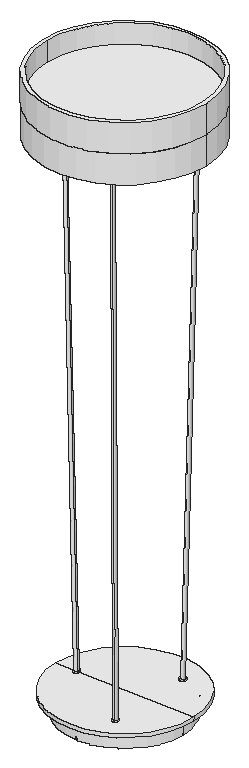
Revit family "DEEP FOCUS ROUND LIGHT", category Lighting Fixtures, host Face, Revit 2020 (continued)
Types (13): name | Wattage Comments | Wattage | Surface Mount | Photometric Web File | Order number | built-in parameter 1150142 | Model | built-in parameter 1150105 | Lumens | built-in parameter 1150106 | Fixture Diameter | Finish/Color | D2 | D1 | Apparent Load | Aircraft Cable Pendant Mount
  DFRD16-20-40901-ACPMK | "20 W" | 11.4446 W | no | "DFRD16_20_XX901.IES" | "16822" | "﻿IESNA:LM-63-2002\r\n[TEST] \r\n[DATE] 2019-08-21\r\n[MANUFAC] Aboveall lighting\r\n[LUMCAT] \r\n[LUMINAIRE] DFRD16-20-30901\r\n[LAMPCAT] \r\n[LAMP] 2835，3000K\r\nTILT=NONE\r\n1 1786.4 0.92 91 13 1 2 0.40 0.40 0.08\r\n1 1 20.3\r\n0. 1. 2. 3. 4. 5. 6. 7. 8. 9. 10. 11. 12. 13. 14. 15. 16. 17. 18. 19. 20. 21. 22. 23. 24. 25. 26. 27. 28. 29. 30. 31. 32. 33. 34. 35. 36. 37. 38. 39. 40. 41. 42. 43. 44. 45. 46. 47. 48. 49. 50. 51. 52. 53. 54. 55. 56. 57. 58. 59. 60. 61. 62. 63. 64. 65. 66. 67. 68. 69. 70. 71. 72. 73. 74. 75. 76. 77. 78. 79. 80. 81. 82. 83. 84. 85. 86. 87. 88. 89. 90. \r\n0. 30. 60. 90. 120. 150. 180. 210. 240. 270. 300. 330. 360. \r\n711.917 711.59 709.82 709.82 706.634 705.218 703.802 700.969 697.429 695.659 691.765 689.641 684.684 679.728 676.896 671.231 665.213 658.84 655.3 648.22 644.68 636.891 628.394 624.5 615.295 611.047 601.842 597.24 587.681 577.769 572.812 562.192 557.235 546.261 534.932 529.267 517.939 511.92 499.883 494.219 481.828 469.437 462.357 449.612 436.867 430.14 417.041 403.234 396.508 383.055 369.248 362.168 348.29 334.341 327.261 313.241 306.161 292.071 277.556 270.263 255.075 247.994 234.577 219.495 212.38 198.289 191.173 177.402 170.498 156.691 143.026 136.229 122.988 116.51 103.694 77.0 77.0 72.504 60.751 54.343 43.297 32.606 27.402 17.347 8.39 4.567 0.637 0.708 0.743 0.814 0.885 \r\n711.917 711.236 710.528 709.466 709.112 707.342 705.218 703.802 700.969 699.553 694.243 689.995 689.995 685.392 680.436 677.604 675.126 669.461 663.089 656.362 653.176 646.096 642.201 634.413 626.27 618.128 613.525 604.675 599.718 590.514 580.601 575.645 565.732 560.422 549.447 537.764 532.454 520.771 515.106 497.051 491.387 485.368 472.623 466.605 453.86 447.488 434.389 414.563 408.191 401.11 394.384 380.931 366.77 358.981 345.528 331.474 324.464 310.409 296.142 274.83 274.83 260.421 253.305 238.931 224.806 217.69 203.494 196.59 182.606 168.728 161.86 148.159 140.654 127.201 120.581 107.553 88.648 88.648 76.115 70.168 58.556 47.298 41.775 31.048 20.817 15.931 7.576 4.496 0.248 0.212 0.212 \r\n711.917 711.944 711.59 711.236 710.174 709.82 708.404 707.342 705.218 702.74 700.969 697.783 694.243 692.119 687.871 682.914 680.436 675.126 669.461 666.275 659.903 653.176 649.636 646.096 638.661 630.872 622.022 617.774 608.923 604.321 595.116 585.203 580.247 570.334 565.378 554.757 549.447 538.472 526.789 521.125 509.442 503.424 491.387 479.35 472.269 459.878 447.134 440.761 427.662 414.563 407.837 394.384 387.303 373.85 360.043 346.307 339.368 325.561 318.587 304.32 290.053 282.866 267.501 260.421 246.189 239.144 225.195 211.034 204.025 189.934 183.031 169.118 162.391 148.903 135.415 128.688 115.695 102.95 102.95 84.258 72.292 66.344 54.06 48.289 46.944 27.083 16.993 12.355 2.16 0.248 0.212 \r\n711.917 711.59 710.882 709.82 709.112 707.342 704.864 703.802 700.969 697.429 695.659 691.411 687.162 684.684 679.374 674.064 671.231 665.213 662.027 655.3 648.22 644.68 636.891 632.997 624.854 620.606 611.755 602.905 597.948 588.035 583.079 573.166 562.9 557.589 546.969 541.304 530.329 518.647 512.628 500.945 488.909 482.89 470.499 458.108 451.736 438.991 425.538 419.166 405.005 391.198 384.471 371.018 364.646 350.272 343.263 329.243 315.33 308.214 294.159 287.008 272.882 258.544 251.358 237.161 230.116 215.955 201.051 194.112 180.376 173.508 159.736 146.142 139.521 126.139 113.146 106.632 76.894 76.894 75.372 63.583 52.219 46.59 35.615 30.305 20.038 10.125 6.266 0.885 0.549 0.212 0.212 \r\n711.917 712.298 712.298 711.59 710.528 709.466 708.758 706.634 705.572 702.74 701.323 697.783 693.889 692.119 689.995 685.392 680.436 674.772 671.939 665.921 662.735 656.008 648.928 645.742 641.847 634.059 625.916 617.066 612.817 603.259 594.054 589.098 579.185 569.272 563.962 553.341 548.031 536.702 525.373 519.355 507.672 495.635 489.617 477.58 471.207 458.816 445.717 439.345 425.538 419.166 405.359 391.906 385.179 371.372 364.646 350.874 344.006 329.951 315.932 308.71 294.62 280.246 272.953 258.686 244.454 237.515 223.354 208.379 201.334 187.35 173.366 166.569 152.939 146.283 132.795 119.625 113.146 100.437 100.437 81.78 69.814 63.972 52.396 46.625 35.367 30.623 20.286 10.267 1.168 0.248 0.177 \r\n711.917 712.298 711.59 710.882 709.466 707.696 706.634 704.156 702.74 699.553 697.783 693.889 689.641 687.162 682.56 680.082 674.418 668.399 665.213 658.84 655.654 645.033 641.139 637.245 624.854 620.252 616.003 606.799 597.594 592.992 583.079 573.166 567.856 557.589 546.615 540.95 529.621 523.957 512.628 506.256 488.554 482.182 475.81 463.419 457.046 443.239 430.14 423.414 410.315 403.234 389.782 382.701 368.894 355.087 341.174 327.19 320.039 312.993 291.54 284.424 277.308 262.828 247.57 240.348 226.08 211.884 204.803 183.704 183.704 169.861 155.983 142.389 135.698 128.9 115.802 102.844 90.17 77.567 77.567 65.601 59.83 42.271 36.783 31.402 16.179 16.179 7.576 1.876 0.177 0.177 0.177 \r\n711.917 713.006 713.006 713.006 712.298 711.944 710.528 709.82 708.05 705.572 704.156 701.323 699.553 696.013 691.765 689.995 684.684 679.728 676.896 671.231 668.399 662.027 655.3 648.22 644.325 636.891 628.394 624.5 624.5 611.401 602.196 592.638 587.681 577.061 572.104 561.838 556.173 545.552 533.87 528.205 516.522 510.858 498.821 486.784 480.412 468.021 461.649 448.55 435.805 429.078 415.625 402.172 395.092 380.577 366.77 359.689 345.847 332.005 324.783 310.445 303.293 296.106 274.157 266.935 252.526 245.375 231.037 216.663 209.512 202.361 188.306 173.26 159.488 152.691 138.919 132.051 118.882 112.332 105.889 86.878 80.824 68.681 56.892 51.015 46.767 29.49 24.322 14.657 4.071 0.248 0.177 \r\n711.917 711.236 711.236 710.528 710.174 708.404 706.634 705.572 703.094 700.261 698.491 694.951 691.057 688.579 684.33 679.02 676.542 670.877 667.691 661.673 654.946 654.946 644.325 639.723 631.935 623.792 619.19 610.693 606.091 601.488 587.327 582.371 572.458 567.502 556.881 551.217 540.242 528.913 523.249 511.566 498.821 493.511 480.412 468.021 461.649 455.276 435.805 429.078 415.625 409.253 395.8 381.993 374.912 361.105 347.157 340.324 326.128 326.128 304.709 290.407 283.114 267.926 260.669 246.366 239.179 224.983 210.822 203.812 189.722 182.712 168.764 155.028 148.159 134.636 121.395 114.775 102.03 89.533 83.444 76.505 58.804 53.068 46.66 31.19 25.915 16.002 11.4 3.576 0.779 0.743 0.779 \r\n711.917 711.236 710.174 709.466 708.05 705.926 704.864 702.032 700.615 697.429 695.659 691.411 684.684 684.684 679.374 673.71 670.877 664.859 658.486 654.946 647.866 640.431 636.537 628.394 620.252 615.649 606.799 602.196 592.992 583.079 577.769 567.856 562.192 551.925 540.242 534.224 522.895 517.23 499.529 499.529 487.138 474.747 468.729 455.984 449.612 436.513 423.414 416.687 402.88 389.427 382.347 367.832 353.883 346.944 332.783 318.693 311.648 297.487 283.008 275.644 261.306 254.332 239.887 225.691 218.54 204.449 197.369 183.35 176.481 162.604 147.982 141.114 127.803 121.218 108.261 77.39 77.39 76.611 70.628 58.839 47.475 41.846 31.013 20.427 15.577 6.974 0.85 0.602 0.673 0.743 0.779 \r\n711.917 711.944 711.944 711.236 710.174 709.466 707.696 706.634 704.156 702.74 699.907 696.367 694.243 689.995 687.871 683.268 678.312 675.48 669.461 666.629 660.257 657.07 649.636 642.555 634.413 630.518 630.518 612.817 608.569 599.364 589.806 584.849 574.937 564.316 559.005 548.385 542.72 531.391 525.727 514.044 502.361 495.635 483.952 477.934 465.543 452.444 445.009 432.264 425.538 412.085 405.359 391.906 377.745 371.018 357.211 343.475 336.359 322.34 307.896 300.85 286.371 272.104 264.952 250.685 235.533 228.452 214.185 207.282 193.227 179.278 172.269 165.4 151.629 138.105 124.758 118.209 105.358 105.358 86.524 80.328 68.291 56.467 50.626 47.085 33.42 22.87 13.205 4.992 0.779 0.743 0.814 \r\n711.917 711.944 710.882 709.466 708.758 706.988 704.51 703.094 699.907 696.367 694.243 689.995 687.871 683.268 677.958 675.126 669.461 666.629 659.903 653.176 649.636 642.201 634.413 630.165 625.916 617.42 608.569 603.967 594.762 589.452 579.539 569.272 563.962 553.341 542.366 536.702 525.373 513.69 507.672 495.989 483.598 477.226 464.835 452.09 445.717 432.619 425.184 411.731 398.278 391.552 377.745 370.664 356.857 349.954 335.863 321.809 314.764 300.603 293.31 278.901 264.421 257.412 235.958 235.958 220.876 206.715 199.635 185.721 171.879 164.94 151.239 137.574 130.918 117.89 104.862 77.319 77.319 73.566 67.583 55.901 50.165 38.978 28.11 22.87 12.603 8.355 1.947 0.637 0.673 0.743 0.814 \r\n711.917 712.298 711.944 711.59 710.528 709.112 708.404 705.926 703.448 702.032 698.845 695.305 693.181 688.579 686.454 681.498 676.188 673.356 667.337 660.965 657.424 650.698 647.158 639.723 635.475 627.332 618.836 614.587 609.985 601.134 591.576 581.309 575.999 565.732 560.422 549.801 538.826 533.162 521.479 509.796 503.778 491.741 479.35 473.331 460.941 447.842 441.469 428.37 414.917 414.917 393.676 386.949 373.142 366.416 352.573 338.625 331.474 317.49 310.267 296.071 281.521 274.476 260.031 252.915 238.648 231.639 217.513 203.387 196.413 182.323 174.534 160.727 147.027 133.609 126.989 113.819 101.11 101.11 82.523 70.522 64.716 53.104 47.369 36.5 25.95 25.95 10.869 3.646 0.814 0.779 0.885 \r\n711.917 711.59 709.82 709.82 706.634 705.218 703.802 700.969 697.429 695.659 691.765 689.641 684.684 679.728 676.896 671.231 665.213 658.84 655.3 648.22 644.68 636.891 628.394 624.5 615.295 611.047 601.842 597.24 587.681 577.769 572.812 562.192 557.235 546.261 534.932 529.267 517.939 511.92 499.883 494.219 481.828 469.437 462.357 449.612 436.867 430.14 417.041 403.234 396.508 383.055 369.248 362.168 348.29 334.341 327.261 313.241 306.161 292.071 277.556 270.263 255.075 247.994 234.577 219.495 212.38 198.289 191.173 177.402 170.498 156.691 143.026 136.229 122.988 116.51 103.694 77.0 77.0 72.504 60.751 54.343 43.297 32.606 27.402 17.347 8.39 4.567 0.637 0.708 0.743 0.814 0.885 \r\n" | "DFRD16-20-40901-ACPMK" | 135.28 (stored number, unit not read) | 1700 lm | 1.3528 (stored number, unit not read) | 1' - 3 45/64" | White-PMMA Aluminum | 0' - 6 45/128" | 0' - 7 109/128" | 25 VA | yes
  DFRD19-25-40901-ACPMK | "25 W" | 14.1374 W | no | "DFRD19_25_XX901.IES" | "16823" | "IESNA:LM-63-2002\r\n[TEST] \r\n[DATE] 2019-08-21\r\n[MANUFAC] Aboveall lighting\r\n[LUMCAT] \r\n[LUMINAIRE] DFRD19-25-30901\r\n[LAMPCAT] \r\n[LAMP]2835\r\nTILT=NONE\r\n1 2137.34 1.13 91 13 1 2 0.48 0.48 0.08\r\n1 1 24.53\r\n0. 1. 2. 3. 4. 5. 6. 7. 8. 9. 10. 11. 12. 13. 14. 15. 16. 17. 18. 19. 20. 21. 22. 23. 24. 25. 26. 27. 28. 29. 30. 31. 32. 33. 34. 35. 36. 37. 38. 39. 40. 41. 42. 43. 44. 45. 46. 47. 48. 49. 50. 51. 52. 53. 54. 55. 56. 57. 58. 59. 60. 61. 62. 63. 64. 65. 66. 67. 68. 69. 70. 71. 72. 73. 74. 75. 76. 77. 78. 79. 80. 81. 82. 83. 84. 85. 86. 87. 88. 89. 90. \r\n0. 30. 60. 90. 120. 150. 180. 210. 240. 270. 300. 330. 360. \r\n711.917 711.59 709.82 709.82 706.634 705.218 703.802 700.969 697.429 695.659 691.765 689.641 684.684 679.728 676.896 671.231 665.213 658.84 655.3 648.22 644.68 636.891 628.394 624.5 615.295 611.047 601.842 597.24 587.681 577.769 572.812 562.192 557.235 546.261 534.932 529.267 517.939 511.92 499.883 494.219 481.828 469.437 462.357 449.612 436.867 430.14 417.041 403.234 396.508 383.055 369.248 362.168 348.29 334.341 327.261 313.241 306.161 292.071 277.556 270.263 255.075 247.994 234.577 219.495 212.38 198.289 191.173 177.402 170.498 156.691 143.026 136.229 122.988 116.51 103.694 77.0 77.0 72.504 60.751 54.343 43.297 32.606 27.402 17.347 8.39 4.567 0.637 0.708 0.743 0.814 0.885 \r\n711.917 711.236 710.528 709.466 709.112 707.342 705.218 703.802 700.969 699.553 694.243 689.995 689.995 685.392 680.436 677.604 675.126 669.461 663.089 656.362 653.176 646.096 642.201 634.413 626.27 618.128 613.525 604.675 599.718 590.514 580.601 575.645 565.732 560.422 549.447 537.764 532.454 520.771 515.106 497.051 491.387 485.368 472.623 466.605 453.86 447.488 434.389 414.563 408.191 401.11 394.384 380.931 366.77 358.981 345.528 331.474 324.464 310.409 296.142 274.83 274.83 260.421 253.305 238.931 224.806 217.69 203.494 196.59 182.606 168.728 161.86 148.159 140.654 127.201 120.581 107.553 88.648 88.648 76.115 70.168 58.556 47.298 41.775 31.048 20.817 15.931 7.576 4.496 0.248 0.212 0.212 \r\n711.917 711.944 711.59 711.236 710.174 709.82 708.404 707.342 705.218 702.74 700.969 697.783 694.243 692.119 687.871 682.914 680.436 675.126 669.461 666.275 659.903 653.176 649.636 646.096 638.661 630.872 622.022 617.774 608.923 604.321 595.116 585.203 580.247 570.334 565.378 554.757 549.447 538.472 526.789 521.125 509.442 503.424 491.387 479.35 472.269 459.878 447.134 440.761 427.662 414.563 407.837 394.384 387.303 373.85 360.043 346.307 339.368 325.561 318.587 304.32 290.053 282.866 267.501 260.421 246.189 239.144 225.195 211.034 204.025 189.934 183.031 169.118 162.391 148.903 135.415 128.688 115.695 102.95 102.95 84.258 72.292 66.344 54.06 48.289 46.944 27.083 16.993 12.355 2.16 0.248 0.212 \r\n711.917 711.59 710.882 709.82 709.112 707.342 704.864 703.802 700.969 697.429 695.659 691.411 687.162 684.684 679.374 674.064 671.231 665.213 662.027 655.3 648.22 644.68 636.891 632.997 624.854 620.606 611.755 602.905 597.948 588.035 583.079 573.166 562.9 557.589 546.969 541.304 530.329 518.647 512.628 500.945 488.909 482.89 470.499 458.108 451.736 438.991 425.538 419.166 405.005 391.198 384.471 371.018 364.646 350.272 343.263 329.243 315.33 308.214 294.159 287.008 272.882 258.544 251.358 237.161 230.116 215.955 201.051 194.112 180.376 173.508 159.736 146.142 139.521 126.139 113.146 106.632 76.894 76.894 75.372 63.583 52.219 46.59 35.615 30.305 20.038 10.125 6.266 0.885 0.549 0.212 0.212 \r\n711.917 712.298 712.298 711.59 710.528 709.466 708.758 706.634 705.572 702.74 701.323 697.783 693.889 692.119 689.995 685.392 680.436 674.772 671.939 665.921 662.735 656.008 648.928 645.742 641.847 634.059 625.916 617.066 612.817 603.259 594.054 589.098 579.185 569.272 563.962 553.341 548.031 536.702 525.373 519.355 507.672 495.635 489.617 477.58 471.207 458.816 445.717 439.345 425.538 419.166 405.359 391.906 385.179 371.372 364.646 350.874 344.006 329.951 315.932 308.71 294.62 280.246 272.953 258.686 244.454 237.515 223.354 208.379 201.334 187.35 173.366 166.569 152.939 146.283 132.795 119.625 113.146 100.437 100.437 81.78 69.814 63.972 52.396 46.625 35.367 30.623 20.286 10.267 1.168 0.248 0.177 \r\n711.917 712.298 711.59 710.882 709.466 707.696 706.634 704.156 702.74 699.553 697.783 693.889 689.641 687.162 682.56 680.082 674.418 668.399 665.213 658.84 655.654 645.033 641.139 637.245 624.854 620.252 616.003 606.799 597.594 592.992 583.079 573.166 567.856 557.589 546.615 540.95 529.621 523.957 512.628 506.256 488.554 482.182 475.81 463.419 457.046 443.239 430.14 423.414 410.315 403.234 389.782 382.701 368.894 355.087 341.174 327.19 320.039 312.993 291.54 284.424 277.308 262.828 247.57 240.348 226.08 211.884 204.803 183.704 183.704 169.861 155.983 142.389 135.698 128.9 115.802 102.844 90.17 77.567 77.567 65.601 59.83 42.271 36.783 31.402 16.179 16.179 7.576 1.876 0.177 0.177 0.177 \r\n711.917 713.006 713.006 713.006 712.298 711.944 710.528 709.82 708.05 705.572 704.156 701.323 699.553 696.013 691.765 689.995 684.684 679.728 676.896 671.231 668.399 662.027 655.3 648.22 644.325 636.891 628.394 624.5 624.5 611.401 602.196 592.638 587.681 577.061 572.104 561.838 556.173 545.552 533.87 528.205 516.522 510.858 498.821 486.784 480.412 468.021 461.649 448.55 435.805 429.078 415.625 402.172 395.092 380.577 366.77 359.689 345.847 332.005 324.783 310.445 303.293 296.106 274.157 266.935 252.526 245.375 231.037 216.663 209.512 202.361 188.306 173.26 159.488 152.691 138.919 132.051 118.882 112.332 105.889 86.878 80.824 68.681 56.892 51.015 46.767 29.49 24.322 14.657 4.071 0.248 0.177 \r\n711.917 711.236 711.236 710.528 710.174 708.404 706.634 705.572 703.094 700.261 698.491 694.951 691.057 688.579 684.33 679.02 676.542 670.877 667.691 661.673 654.946 654.946 644.325 639.723 631.935 623.792 619.19 610.693 606.091 601.488 587.327 582.371 572.458 567.502 556.881 551.217 540.242 528.913 523.249 511.566 498.821 493.511 480.412 468.021 461.649 455.276 435.805 429.078 415.625 409.253 395.8 381.993 374.912 361.105 347.157 340.324 326.128 326.128 304.709 290.407 283.114 267.926 260.669 246.366 239.179 224.983 210.822 203.812 189.722 182.712 168.764 155.028 148.159 134.636 121.395 114.775 102.03 89.533 83.444 76.505 58.804 53.068 46.66 31.19 25.915 16.002 11.4 3.576 0.779 0.743 0.779 \r\n711.917 711.236 710.174 709.466 708.05 705.926 704.864 702.032 700.615 697.429 695.659 691.411 684.684 684.684 679.374 673.71 670.877 664.859 658.486 654.946 647.866 640.431 636.537 628.394 620.252 615.649 606.799 602.196 592.992 583.079 577.769 567.856 562.192 551.925 540.242 534.224 522.895 517.23 499.529 499.529 487.138 474.747 468.729 455.984 449.612 436.513 423.414 416.687 402.88 389.427 382.347 367.832 353.883 346.944 332.783 318.693 311.648 297.487 283.008 275.644 261.306 254.332 239.887 225.691 218.54 204.449 197.369 183.35 176.481 162.604 147.982 141.114 127.803 121.218 108.261 77.39 77.39 76.611 70.628 58.839 47.475 41.846 31.013 20.427 15.577 6.974 0.85 0.602 0.673 0.743 0.779 \r\n711.917 711.944 711.944 711.236 710.174 709.466 707.696 706.634 704.156 702.74 699.907 696.367 694.243 689.995 687.871 683.268 678.312 675.48 669.461 666.629 660.257 657.07 649.636 642.555 634.413 630.518 630.518 612.817 608.569 599.364 589.806 584.849 574.937 564.316 559.005 548.385 542.72 531.391 525.727 514.044 502.361 495.635 483.952 477.934 465.543 452.444 445.009 432.264 425.538 412.085 405.359 391.906 377.745 371.018 357.211 343.475 336.359 322.34 307.896 300.85 286.371 272.104 264.952 250.685 235.533 228.452 214.185 207.282 193.227 179.278 172.269 165.4 151.629 138.105 124.758 118.209 105.358 105.358 86.524 80.328 68.291 56.467 50.626 47.085 33.42 22.87 13.205 4.992 0.779 0.743 0.814 \r\n711.917 711.944 710.882 709.466 708.758 706.988 704.51 703.094 699.907 696.367 694.243 689.995 687.871 683.268 677.958 675.126 669.461 666.629 659.903 653.176 649.636 642.201 634.413 630.165 625.916 617.42 608.569 603.967 594.762 589.452 579.539 569.272 563.962 553.341 542.366 536.702 525.373 513.69 507.672 495.989 483.598 477.226 464.835 452.09 445.717 432.619 425.184 411.731 398.278 391.552 377.745 370.664 356.857 349.954 335.863 321.809 314.764 300.603 293.31 278.901 264.421 257.412 235.958 235.958 220.876 206.715 199.635 185.721 171.879 164.94 151.239 137.574 130.918 117.89 104.862 77.319 77.319 73.566 67.583 55.901 50.165 38.978 28.11 22.87 12.603 8.355 1.947 0.637 0.673 0.743 0.814 \r\n711.917 712.298 711.944 711.59 710.528 709.112 708.404 705.926 703.448 702.032 698.845 695.305 693.181 688.579 686.454 681.498 676.188 673.356 667.337 660.965 657.424 650.698 647.158 639.723 635.475 627.332 618.836 614.587 609.985 601.134 591.576 581.309 575.999 565.732 560.422 549.801 538.826 533.162 521.479 509.796 503.778 491.741 479.35 473.331 460.941 447.842 441.469 428.37 414.917 414.917 393.676 386.949 373.142 366.416 352.573 338.625 331.474 317.49 310.267 296.071 281.521 274.476 260.031 252.915 238.648 231.639 217.513 203.387 196.413 182.323 174.534 160.727 147.027 133.609 126.989 113.819 101.11 101.11 82.523 70.522 64.716 53.104 47.369 36.5 25.95 25.95 10.869 3.646 0.814 0.779 0.885 \r\n711.917 711.59 709.82 709.82 706.634 705.218 703.802 700.969 697.429 695.659 691.765 689.641 684.684 679.728 676.896 671.231 665.213 658.84 655.3 648.22 644.68 636.891 628.394 624.5 615.295 611.047 601.842 597.24 587.681 577.769 572.812 562.192 557.235 546.261 534.932 529.267 517.939 511.92 499.883 494.219 481.828 469.437 462.357 449.612 436.867 430.14 417.041 403.234 396.508 383.055 369.248 362.168 348.29 334.341 327.261 313.241 306.161 292.071 277.556 270.263 255.075 247.994 234.577 219.495 212.38 198.289 191.173 177.402 170.498 156.691 143.026 136.229 122.988 116.51 103.694 77.0 77.0 72.504 60.751 54.343 43.297 32.606 27.402 17.347 8.39 4.567 0.637 0.708 0.743 0.814 0.885 \r\n" | "DFRD19-25-40901-ACPMK" | 167.11 (stored number, unit not read) | 2100 lm | 1.6711 (stored number, unit not read) | 1' - 6 115/128" | White-PMMA Aluminum | 0' - 7 243/256" | 0' - 9 115/256" | 31.25 VA | yes
